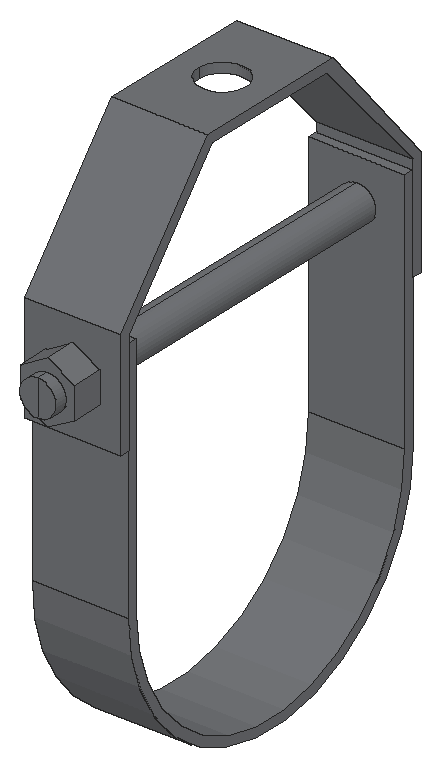
Revit family "7006P Light Duty Clevis Hanger", category Pipe Accessories, Revit 2018
Family settings
  Round Connector Dimension = Use Diameter
  Part Type = Normal
  OmniClass Number = 23.60.30.11.17
  OmniClass Title = Pipework/Ductwork Mechanical Fasteners/Supports
  Work Plane-Based = No
  Always vertical = Yes
  Cut with Voids When Loaded = No
  Shared = No
Parameters
  smallersize [instance] = Nominal Diameter < 1.350"  # no
  nut1_dia [instance] = size_lookup("nut_hex_US", "nut_dia", 1.500", D3)  # 0.5625"
  bolt rad [instance] = if(Nominal Diameter > 18.000", 0.500", nut1_dia / 3)  # 0.1875"
  Weight [instance] = size_lookup(LookupTable, "Weight", "NA", Nominal Diameter)  # "0.59 lbs."
  Product ID [instance] = size_lookup(LookupTable, "ProductID", "NA", Nominal Diameter)  # "5060321"
  Part Number [instance] = size_lookup(LookupTable, "PartNumber", "NA", Nominal Diameter)  # "FNW7006P0300"
  LookupTable [instance] = "7006P Light Duty Clevis Hanger"  # constant formula
  fillet [instance] = D3 + Y2  # 0.475"
  Z1 [instance] = size_lookup(LookupTable, "Z1", 0.000", Nominal Diameter)  # 1.5625"
  Z4 [instance] = size_lookup(LookupTable, "Z4", 0.000", Nominal Diameter)  # 3.960"
  Z3 [instance] = size_lookup(LookupTable, "Z3", 0.000", Nominal Diameter)  # 2.6875"
  Z2 [instance] = size_lookup(LookupTable, "Z2", 0.000", Nominal Diameter)  # 2.125"
  Z5 [instance] = size_lookup(LookupTable, "Z5", 0.000", Nominal Diameter)  # 2.5625"
  Y1 [instance] = size_lookup(LookupTable, "Y1", 0.000", Nominal Diameter)  # 1.3646"
  Y2 [instance] = size_lookup(LookupTable, "Y2", 0.000", Nominal Diameter)  # 0.100"
  nut1_height [instance] = size_lookup("nut_hex_US", "nut_height", 1.000", D3)  # 0.32813"
  W1 [instance] = size_lookup(LookupTable, "W1", 0.000", Nominal Diameter)  # 1.000"
  URL = "http://fnw.com"
  Nominal Diameter [instance] = 3.000"
  Manufacturer = "FNW"  # constant formula
  Description BOM [instance] = size_lookup(LookupTable, "Description_BOM", "NA", Nominal Diameter)  # "3 7006P Light Duty Clevis Hanger"
  D3 [instance] = size_lookup(LookupTable, "D3", 0.000", Nominal Diameter)  # 0.375"
  D2 [instance] = size_lookup(LookupTable, "D2", 0.000", Nominal Diameter)  # 0.500"
  D1 [instance] = size_lookup(LookupTable, "D1", 0.000", Nominal Diameter)  # 3.500"
  bolt_length [instance] = D1 + (Y2 * 4) + nut1_height + 0.125"  # 4.35313"
  biggersize [instance] = Nominal Diameter > 1.350"  # yes
  120 = 120.00°
Reference planes (in)
  plane 1 "Center (Front/Back)": y = 0
  plane 2: z = 0
  plane 3 "Center (Left/Right)": x = 0
  plane 4: z = 2.125
  plane 5: z = 3.96
  plane 6: z = 2.6875
  plane 7: z = 1.5625
  plane 8: y = 0.6823
  plane 9: y = -0.6823
  plane 10: y = -1.75
  plane 11: y = 1.75
  plane 12: y = -1.85
  plane 13: y = 1.85
  plane 14: y = 1.95
  plane 15: y = -1.95
  plane 16: y = -2.27813
  plane 17: y = 2.27812
  plane 18: z = 1.8
  plane 19: x = -0.5
  plane 20: x = 0.5
  plane 21: y = -2.40313
  plane 22: z = 4.06
Forms (in)
  Sweep 1, solid, material "Steel, Black"
    path origin (0, 0, 0) x (0, 1, 0) y (0, 0, 1)
      loop
        line (1.75, 2.5625) -> (1.75, 0)
        arc (1.75, 0) -> (0, -1.75) -> (-1.75, 0) r 1.75
        line (-1.75, 0) -> (-1.75, 2.5625)
    profile origin (0, 1.75, 1.28125) x (1, 0, 0) y (0, 1, 0)
      loop
        line (-0.5, 0.1) -> (-0.5, 0) -> (0.5, 0) -> (0.5, 0.1) -> (-0.5, 0.1)
  Extrusion 2, void
    sketch origin (0, 0, 0) x (1, 0, 0) y (0, 1, 0)
      loop
        circle (0, 0) r 0.25
    from 3.96 to 4.06
  Extrusion 3, solid, material "Steel, Black", visible <- "smallersize"
    sketch origin (0, 0, 0) x (0, 1, 0) y (0, 0, 1)
      loop
        line (-1.85, 1.5625) -> (-1.85, 3.585)
        arc (-1.85, 3.585) -> (-1.74017, 3.85017) -> (-1.475, 3.96) r 0.375
        line (-1.475, 3.96) -> (1.475, 3.96)
        arc (1.475, 3.96) -> (1.74017, 3.85017) -> (1.85, 3.585) r 0.375
        line (1.85, 3.585) -> (1.85, 1.5625) -> (1.95, 1.5625) -> (1.95, 3.585)
        arc (1.95, 3.585) -> (1.81088, 3.92088) -> (1.475, 4.06) r 0.475
        line (1.475, 4.06) -> (-1.475, 4.06)
        arc (-1.475, 4.06) -> (-1.81088, 3.92088) -> (-1.95, 3.585) r 0.475
        line (-1.95, 3.585) -> (-1.95, 1.5625) -> (-1.85, 1.5625)
    from -0.5 to 0.5
  Extrusion 4, solid, material "Steel, Black", visible <- "biggersize"
    sketch origin (0, 0, 0) x (0, 1, 0) y (0, 0, 1)
      loop
        line (-1.95, 2.6875) -> (-1.95, 1.5625) -> (-1.85, 1.5625) -> (-1.85, 2.65148) -> (-0.76685, 3.96) -> (0.73225, 3.96) -> (1.85, 2.66126) -> (1.85, 1.5625) -> (1.95, 1.5625) -> (1.95, 2.6875) -> (0.81389, 4.06) -> (-0.81389, 4.06) -> (-1.95, 2.6875)
    from -0.5 to 0.5
  Revolve 5, solid, material "Steel, Black"
    sketch origin (0, 0, 0) x (0, 1, 0) y (0, 0, 1)
      loop
        line (-2.40313, 2.125) -> (1.95, 2.125) -> (1.95, 2.3125) -> (-2.40313, 2.3125) -> (-2.40313, 2.125)
      axis (1.95, 2.125) -> (-2.40313, 2.125)
    angle from 0 to 360
Cuts and joins
  Extrusion 2 cuts Extrusion 3
  Extrusion 2 cuts Extrusion 4
Lines and regions (in)
  model lines, style "center"
    curve 1: line (0, 0, 3.96) -> (0, 0, 0)
    curve 2: line (0, 1.75, 0) -> (0, -1.75, 0)
Dimensions and locks (in)
  equal spacing: Sweep 1 sketch curve, plane 1 "Center (Front/Back)", Sweep 1 sketch curve
  "D1": Sweep 1 sketch curve to Sweep 1 sketch curve
  "Z5": Sweep 1 sketch curve to level  (x2)
  equal spacing: Sweep 1 sketch curve, profile plane, Sweep 1 sketch curve
  "W1": Sweep 1 sketch curve to Sweep 1 sketch curve
  "Y2": Sweep 1 sketch curve to Sweep 1 sketch curve
  "Z4": plane 5 to plane 2
  "Z3": plane 6 to plane 2
  "Z1": plane 7 to plane 2
  equal spacing: plane 9, plane 1 "Center (Front/Back)", plane 8
  "Y1": plane 9 to plane 8
  equal spacing: plane 10, plane 1 "Center (Front/Back)", plane 11
  "D1": plane 10 to plane 11
  "Y2": plane 12 to plane 10
  "Y2": plane 11 to plane 13
  "Y2": plane 15 to plane 12
  "Y2": plane 13 to plane 14
  "nut1_height": plane 14 to plane 17
  "nut1_height": plane 16 to plane 15
  "Z2": plane 4 to plane 2
  "Y2": Extrusion 3 sketch curve to plane 5
  equal spacing: plane 19, plane 3 "Center (Left/Right)", plane 20
  "W1": plane 19 to plane 20
  "bolt_length": plane 14 to plane 21
  "Y2": plane 22 to plane 5
  "Y2": Extrusion 4 sketch curve to Extrusion 4 sketch curve
  "Y2": plane 13 to Extrusion 4 sketch curve
  "Y2": Extrusion 4 sketch curve to plane 12
  "bolt rad": Revolve 5 sketch curve to plane 4
  "D1": diameter of Sweep 1 sketch curve
  "D2": diameter of Extrusion 2 sketch curve
  "D3": radius of Extrusion 3 sketch curve  (x2)
  "fillet": radius of Extrusion 3 sketch curve  (x2)
  aligned and locked: plane 2 to level
  aligned and locked: Sweep 1 sketch curve to profile plane
  aligned and locked: plane 7 to Extrusion 3 sketch curve
  aligned and locked: Extrusion 3 sketch curve to plane 7
  aligned and locked: plane 14 to Extrusion 3 sketch curve
  aligned and locked: Extrusion 3 sketch curve to plane 13
  aligned and locked: plane 12 to Extrusion 3 sketch curve
  aligned and locked: Extrusion 3 sketch curve to plane 5
  aligned and locked: plane 19 to Extrusion 3
  aligned and locked: Extrusion 3 to plane 20
  aligned and locked: Extrusion 2 to plane 5
  aligned and locked: plane 22 to Extrusion 2
  aligned and locked: plane 12 to Extrusion 4 sketch curve
  aligned and locked: Extrusion 4 sketch curve to plane 13
  aligned and locked: cut or joined group of Extrusion 2, Extrusion 4 to plane 20
  aligned and locked: plane 19 to cut or joined group of Extrusion 2, Extrusion 4
  aligned and locked: plane 4 to Revolve 5 sketch curve  (x2)
  aligned and locked: cut or joined group of Extrusion 2, Extrusion 4 to plane 7  (x2)
  aligned and locked: Revolve 5 sketch curve to plane 14
  aligned and locked: plane 21 to Revolve 5 sketch curve
  aligned and locked: nested 2 to plane 15
Automatic sketch dimensions
  curve 2 to plane 3 "Center (Left/Right)" = 0.000"
  plane 10 to curve 2 = 0.000"
  curve 2 to plane 11 = 0.000"
  curve 1 to level = 0.000"
  curve 1 to plane 1 "Center (Front/Back)" = 0.000"
  curve 1 to plane 5 = 0.000"
  Sweep 1 sketch curve to level = 0.000"
  plane 1 "Center (Front/Back)" to Extrusion 2 sketch curve = 0.000"
  Extrusion 2 sketch curve to plane 3 "Center (Left/Right)" = 0.000"
  Extrusion 3 sketch curve to Extrusion 3 sketch curve = 0.000"
  Extrusion 4 sketch curve to plane 22 = 0.000"
  Extrusion 4 sketch curve to plane 5 = 0.000"
  Extrusion 4 sketch curve to plane 7 = 0.000"  (x2)
  Extrusion 4 sketch curve to plane 6 = 0.000"  (x2)
  Extrusion 4 sketch curve to plane 9 = 0.13159"
  Extrusion 4 sketch curve to plane 8 = 0.04995"
  Extrusion 4 sketch curve to Extrusion 4 sketch curve = 0.08163"
  Extrusion 4 sketch curve to plane 6 = 0.02624"
  Revolve 5 sketch curve to plane 15 = 0.03399"
  plane 17 to Revolve 5 sketch curve = 0.16471"
Nested families (in)
  nested 1: "nest hex nut" at (-0.15598, 1.95, 2.23182) x (0, 0, 1) z (0, 1, 0), BHX1 <- "nut1_height", SCD3 <- "nut1_dia", type "nest hex nut"
    with Weight "", SCR3 0.28125", SCD3 0.5625", Product ID "", Part Number "", Nominal Diameter 1/2", Description BOM "", Center of Hex 12.000", BHX1 0.32813"
  nested 2: "nest hex nut" at (0, -2.27813, 2.12306) x (0, 0, 1) z (0, 1, 0), BHX1 <- "nut1_height", SCD3 <- "nut1_dia", type "nest hex nut"
    with Weight "", SCR3 0.28125", SCD3 0.5625", Product ID "", Part Number "", Nominal Diameter 1/2", Description BOM "", Center of Hex 12.000", BHX1 0.32813"
Definition of nested family "nest hex nut"
  Parameters (values of type "nest hex nut")
    Weight [instance] = ""
    URL = "http://www.fnw.com"
    Standards Lookup Table = "Standards"  # constant formula
    SCR3 [instance] = SCD3 / 2  # 0.500"
    SCD3 [instance] = 1.000"
    Product ID [instance] = ""
    Part Number [instance] = ""
    Nominal Diameter [instance] = 1/2"
    LookupTable = ""
    Description BOM [instance] = ""
    Default Elevation = 48.000"
    Center of Hex [instance] = 12.000"
    BHX1 [instance] = 0.70262"
    120 = 120.00°
  Reference planes (in)
    plane 1 "Center (Front/Back)": y = 0
    plane 2: z = 0
    plane 3 "Center (Left/Right)": x = 0
    plane 4: z = 0.70262
    plane 5: x = 0
  Forms (in)
    Extrusion 1, solid
      sketch origin (-12, 0, 0) x (1, 0, 0) y (0, 1, 0)
        loop
          line (12.57735, 0) -> (12.28868, 0.5) -> (11.71132, 0.5) -> (11.42265, 0) -> (11.71132, -0.5) -> (12.28868, -0.5) -> (12.57735, 0)
      from 0 to 0.70262
  Dimensions and locks (in)
    "BHX1": plane 4 to plane 2
    equal spacing: Extrusion 1 sketch curve, plane 5, Extrusion 1 sketch curve  (x2)
    equal spacing: Extrusion 1 sketch curve, plane 1 "Center (Front/Back)", Extrusion 1 sketch curve
    "SCD3": Extrusion 1 sketch curve to Extrusion 1 sketch curve  (x3)
    "120": angle Extrusion 1 sketch curve to Extrusion 1 sketch curve  (x5)
    aligned and locked: plane 2 to level
    aligned and locked: Extrusion 1 to plane 4
    aligned and locked: Extrusion 1 to plane 2
